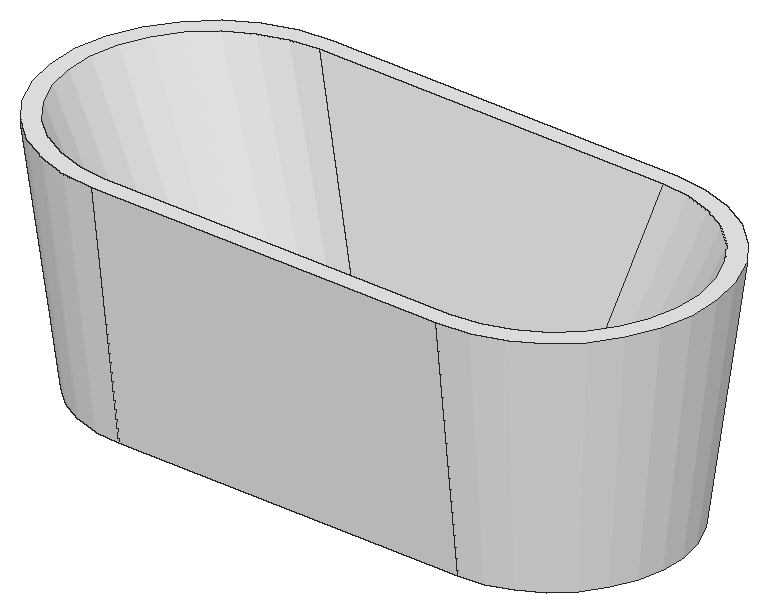
Revit family "Reece_Bath_Posh_Solus_Freestanding Bath", category Plumbing Fixtures, Revit 2018
Family settings
  Round Connector Dimension = Use Diameter
  Part Type = Normal
  Work Plane-Based = Yes
  Always vertical = Yes
  Cut with Voids When Loaded = Yes
  Shared = Yes
  Room Calculation Point = Yes
Parameters (values of type "1500x700x560 mm_230 ltr_White")
  URL = "https://www.reece.com.au/product/-9506248"
  Type Comments = Reece_Product_Type  # "Bath"
  Reece_Waste_Height = 85 mm
  Reece_Product_Mount = "Floor Mounted"  # constant formula
  Reece_Detail_Disclaimer = "THIS FILE IS THE PROPERTY OF THE REECE GROUP. IT MAY NOT BE REPRODUCED, REVERSE-ENGINEERED OR MODIFIED. ANY REPUBLICATION, TRANSMISSION OR DISTRIBUTION FOR THE PURPOSE OF COMMERCIALLY EXPLOITING THE FILES IS PROHIBITED."  # constant formula
  Reece_Centre Mark_Bottom = 260 mm
  Reece_Centre Mark_Top = 350 mm
  Reece_Product_Web Page = "https://www.reece.com.au/product/-9506248"
  Reece_Product_Type = "Bath"  # constant formula
  Reece_Product_Sub Brand = "Solus"  # constant formula
  Reece_Product_Number = "9506248"
  Reece_Product_Description = "Posh Solus Freestanding Bath 1500 x 700 x 560mm White No Overflow"
  Reece_Product_Brand = "Posh"  # constant formula
  Reece_Overall_Width = 700 mm
  Reece_Overall_Length = 1500 mm
  Reece_Overall_Height = 560 mm
  Reece_Overall_Capacity = 230.00 L
  Reece_Material_Secondary = Reece_Brass_Chrome
  Reece_Material_Main = Reece_Acrylic_White
  Reece_Detail_Shape = ""
  Reece_Detail_Material = "Sanitary Grade Acrylic"  # constant formula
  Reece_Detail_Installation = ""
  Reece_Detail_Connector = ""
  Reece_Detail_Additional = ""
  Reece_Bath_Outlet_Offset = 200 mm
  Reece_Bath_Outlet = 40 mm  # constant formula
  Reece_Bath_Lip = 40 mm
  Reece_Bath_Internal_Width = 480 mm
  Reece_Bath_Internal_Length = 1000 mm
  Reece_Bath_Internal_Depth = 460 mm
  Reece_Bath_Base_Length = 1350 mm
  Reece_Bath_Base Width = 560 mm
  Model = Reece_Product_Brand  # "Posh"
  Manufacturer = Reece_Product_Brand  # "Posh"
  Keynote = "Product #9506248, Reece_Bath_Posh_Solus_Freestanding Bath - 1500x700x560 mm_230 ltr_White"
  Disclaimer = "THIS FILE IS THE PROPERTY OF THE REECE GROUP. IT MAY NOT BE REPRODUCED, REVERSE-ENGINEERED OR MODIFIED. ANY REPUBLICATION, TRANSMISSION OR DISTRIBUTION FOR THE PURPOSE OF COMMERCIALLY EXPLOITING THE FILES IS PROHIBITED."  # constant formula
  Description = Reece_Product_Description  # "Posh Solus Freestanding Bath 1500 x 700 x 560mm White No Overflow"
  Default Elevation = 1780 mm
Types (3, lengths in mm): name | URL | Reece_Waste_Height | Reece_Centre Mark_Bottom | Reece_Centre Mark_Top | Reece_Product_Web Page | Reece_Product_Number | Reece_Product_Description | Reece_Overall_Width | Reece_Overall_Length | Reece_Overall_Capacity | Reece_Bath_Outlet_Offset | Reece_Bath_Lip | Reece_Bath_Internal_Width | Reece_Bath_Internal_Length | Reece_Bath_Internal_Depth | Reece_Bath_Base_Length | Reece_Bath_Base Width | Keynote | Description
  (no name) | "https://www.reece.com.au/product/-9506248" | 85 | 260 | 350 | "https://www.reece.com.au/product/-9506248" | "9506248" | "Posh Solus Freestanding Bath 1500 x 700 x 560mm White No Overflow" | 700 | 1500 | 230.00 L | 200 | 40 | 480 | 1000 | 460 | 1350 | 560 | "Product #9506248, Reece_Bath_Posh_Solus_Freestanding Bath - 1500x700x560 mm_230 ltr_White" | "Posh Solus Freestanding Bath 1500 x 700 x 560mm White No Overflow"
  1780x800x560 mm_280 ltr_White | "https://www.reece.com.au/product/-9504385" | 95 | 332.5 | 400 | "https://www.reece.com.au/product/-9504385" | "9504385" | "Posh Solus Freestanding Bath 1780 x 800 x 560mm White No Overflow" | 800 | 1780 | 280.00 L | 255 | 35 | 490 | 1155 | 450 | 1600 | 640 | "Product #9504385, Reece_Bath_Posh_Solus_Freestanding Bath - 1780x800x560 mm_280 ltr_White" | "Posh Solus Freestanding Bath 1780 x 800 x 560mm White No Overflow"
  1500x700x560 mm_230 ltr_White | "https://www.reece.com.au/product/-9506248" | 85 | 260 | 350 | "https://www.reece.com.au/product/-9506248" | "9506248" | "Posh Solus Freestanding Bath 1500 x 700 x 560mm White No Overflow" | 700 | 1500 | 230.00 L | 200 | 40 | 480 | 1000 | 460 | 1350 | 560 | "Product #9506248, Reece_Bath_Posh_Solus_Freestanding Bath - 1500x700x560 mm_230 ltr_White" | "Posh Solus Freestanding Bath 1500 x 700 x 560mm White No Overflow"
Reference planes
  plane 1 "Center (Front/Back)": y = 0
  plane 2 "Bottom Host Plane": z = 0
  plane 3 "Center (Left/Right)": x = 0
  plane 4: x = -750
  plane 5: y = 350
  plane 6: y = -350
  plane 7: x = 750
  plane 8: z = 560
  plane 9: y = 240
  plane 10: y = -240
  plane 11 "Internal bath depth": z = 100
  plane 12 "internal bottom": z = 100
  plane 13 "Outlet offset": y = -150
  plane 14: z = 85
Forms (mm)
  SweptBlend 1, solid, material "Reece_Acrylic_White" <- "Reece_Material_Main"
    path origin (0, 0, 0) x (1, 0, 0) y (0, 0, 1)
      loop
        line (0, 0) -> (0, 560)
    profile origin (0, 0, 0) x (-1, 0, 0) y (0, -1, 0)
      loop
        arc (395, -280) -> (675, 0) -> (395, 280) r 280
        line (395, 280) -> (-395, 280)
        arc (-395, 280) -> (-675, 0) -> (-395, -280) r 280
        line (-395, -280) -> (395, -280)
    end profile origin (0, 0, 560) x (-1, 0, 0) y (0, -1, 0)
      loop
        arc (-400, 350) -> (-750, 0) -> (-400, -350) r 350
        line (-400, -350) -> (400, -350)
        arc (400, -350) -> (750, 0) -> (400, 350) r 350
        line (400, 350) -> (-400, 350)
  SweptBlend 2, void
    path origin (0, 0, 0) x (1, 0, 0) y (0, 0, 1)
      loop
        line (0, 100) -> (0, 560)
    profile origin (0, 0, 100) x (-1, 0, 0) y (0, -1, 0)
      loop
        arc (-260, 240) -> (-500, 0) -> (-260, -240) r 240
        line (-260, -240) -> (260, -240)
        arc (260, -240) -> (500, 0) -> (260, 240) r 240
        line (260, 240) -> (-260, 240)
    end profile origin (0, 0, 560) x (-1, 0, 0) y (0, -1, 0)
      loop
        arc (-400, 310) -> (-710, 0) -> (-400, -310) r 310
        line (-400, -310) -> (400, -310)
        arc (400, -310) -> (710, 0) -> (400, 310) r 310
        line (400, 310) -> (-400, 310)
  Revolve 3, void
    sketch origin (0, 0, 0) x (0, -1, 0) y (0, 0, 1)
      loop
        line (130, 85) -> (130, 0) -> (150, 0) -> (150, 100) -> (110.026, 100)
        arc (110.026, 100) -> (110.855, 99.82) -> (111.535, 99.312) r 2
        line (111.535, 99.312) -> (123.977, 85) -> (130, 85)
      axis (150, 0) -> (150, 100)
    angle from 0 to 360
  Revolve 4, solid, material "Reece_Brass_Chrome" <- "Reece_Material_Secondary"
    sketch origin (0, 0, 0) x (0, -1, 0) y (0, 0, 1)
      loop
        line (125.691, 85) -> (150, 85) -> (150, 96.967)
        arc (150, 96.967) -> (140.502, 96.476) -> (131.105, 95.009) r 92.166
        line (131.105, 95.009) -> (131.105, 94) -> (130.163, 94) -> (130.163, 95) -> (119.69, 95)
        arc (119.69, 95) -> (118.788, 94.431) -> (118.913, 93.371) r 1
        line (118.913, 93.371) -> (125.691, 85)
      axis (150, 96.967) -> (150, 85)
    angle from 0 to 360
Cuts and joins
  SweptBlend 2, Revolve 3 cuts SweptBlend 1
Text (mm)
  text "Reece ©" at (3027.747, -1711.958, 3277.107), in view "Reece Preview"
  text "Reece Copyright © 2018, Reece Ltd." at (832.209, 497.558, 0), in view "Ref. Level"
Dimensions and locks
  "Reece_Overall_Length": plane 4 to plane 7
  "Reece_Overall_Width": plane 5 to plane 6
  equal spacing: plane 6, plane 1 "Center (Front/Back)", plane 5
  equal spacing: plane 4, plane 3 "Center (Left/Right)", plane 7
  "Reece_Overall_Height": plane 8 to plane 2 "Bottom Host Plane"
  locked: SweptBlend 1 sketch curve to plane 7
  locked: plane 4 to SweptBlend 1 sketch curve
  locked: SweptBlend 1 sketch curve to plane 5 at 0
  locked: SweptBlend 1 sketch curve to plane 6 at 0
  equal spacing: plane 10, plane 1 "Center (Front/Back)", plane 9
  "Reece_Bath_Internal_Width": plane 10 to plane 9
  "Reece_Bath_Internal_Depth": plane 8 to plane 11 "Internal bath depth"
  "Reece_Bath_Internal_Depth": plane 8 to plane 12 "internal bottom"
  "Reece_Bath_Outlet_Offset": plane 13 "Outlet offset" to plane 6
  "Reece_Bath_Lip": plane 5 to SweptBlend 2 sketch curve
  "Reece_Bath_Lip": plane 6 to SweptBlend 2 sketch curve
  "Reece_Centre Mark_Top": plane 4 to SweptBlend 2 sketch curve
  "Reece_Centre Mark_Top": SweptBlend 2 sketch curve to plane 7
  "Reece_Centre Mark_Bottom": SweptBlend 2 sketch curve to profile plane
  "Reece_Centre Mark_Bottom": profile plane to SweptBlend 2 sketch curve
  "Reece_Bath_Base Width": SweptBlend 1 sketch curve to SweptBlend 1 sketch curve
  equal spacing: SweptBlend 1 sketch curve, plane 1 "Center (Front/Back)", SweptBlend 1 sketch curve
  "Reece_Bath_Base_Length": SweptBlend 1 sketch curve to SweptBlend 1 sketch curve
  equal spacing: SweptBlend 1 sketch curve, profile plane, SweptBlend 1 sketch curve
  "Reece_Waste_Height": plane 14 to level
  Revolve 4 sketch curve to Revolve 4 sketch curve to plane 14 = 1.629 mm locked, 8.371 mm locked
  Revolve 4 sketch curve to Revolve 4 sketch curve to Revolve 4 sketch curve to plane 14 = 1.958 mm locked, 1.009 mm locked, 9 mm locked
  plane 8 to plane 12 "internal bottom" = 460 mm
  Revolve 3 sketch curve to Revolve 3 sketch curve to plane 13 "Outlet offset" = 1.509 mm locked, 38.465 mm locked
  Revolve 3 sketch curve to Revolve 3 sketch curve to plane 13 "Outlet offset" = 6.023 mm locked, 20 mm locked
  aligned and locked: SweptBlend 1 to SweptBlend 2 sketch curve
  aligned and locked: SweptBlend 2 sketch curve to plane 9
  aligned and locked: SweptBlend 2 sketch curve to plane 10
  aligned and locked: plane 11 "Internal bath depth" to SweptBlend 2 sketch curve
  aligned and locked: Revolve 3 sketch curve to plane 13 "Outlet offset"
  aligned and locked: plane 13 "Outlet offset" to Revolve 4 sketch curve
  aligned and locked: Revolve 4 sketch curve to plane 14
  aligned and locked: Revolve 3 sketch curve to plane 14
Automatic sketch dimensions
  SweptBlend 1 sketch curve to SweptBlend 1 sketch curve = 560 mm
  SweptBlend 1 sketch curve to plane 3 "Center (Left/Right)" = 0 mm
  SweptBlend 1 sketch curve to level = 0 mm
  Revolve 4 sketch curve to plane 13 "Outlet offset" = 0 mm
  Revolve 4 sketch curve to Revolve 4 sketch curve = 0.942 mm
  Revolve 4 sketch curve to Revolve 4 sketch curve = 4.471 mm
  Revolve 4 sketch curve to Revolve 4 sketch curve = 10.473 mm
  Revolve 4 sketch curve to Revolve 4 sketch curve = 0.777 mm
  level to Revolve 4 sketch curve = 4.801 mm
  Revolve 4 sketch curve to level = 47.911 mm
  plane 12 "internal bottom" to Revolve 4 sketch curve = 92.041 mm
  Revolve 3 sketch curve to level = 0 mm
  Revolve 3 sketch curve to plane 12 "internal bottom" = 0.688 mm
  level to Revolve 3 sketch curve = 20 mm
  plane 12 "internal bottom" to Revolve 3 sketch curve = 80 mm
  Revolve 3 sketch curve to plane 12 "internal bottom" = 0 mm  (x2)
  Revolve 3 sketch curve to plane 13 "Outlet offset" = 0 mm
  Revolve 3 sketch curve to Revolve 3 sketch curve = 1.509 mm
  SweptBlend 2 sketch curve to plane 3 "Center (Left/Right)" = 0 mm
Connectors
  piping at (0, -150, 85), diameter 40, driven by "Reece_Bath_Outlet"
    settings: on Revolve 4, index 1, connector inside diameter 609.6 mm, connector length 0 mm, flow factor 0, pipe flow 0.0 L/s, pressure drop 0.0 Pa, fitting loss kfactor 0, connector angle 0.00°, fixture units 0, engagement length 0 mm, angle of deflection 0.00°, flow configuration 0, flow direction 2, fitting loss method 0, system type 16, joint type 0, gender type 0, connector reference index -1, connector utility 0, adjustable connector no, is connector primary yes, connector description ""
